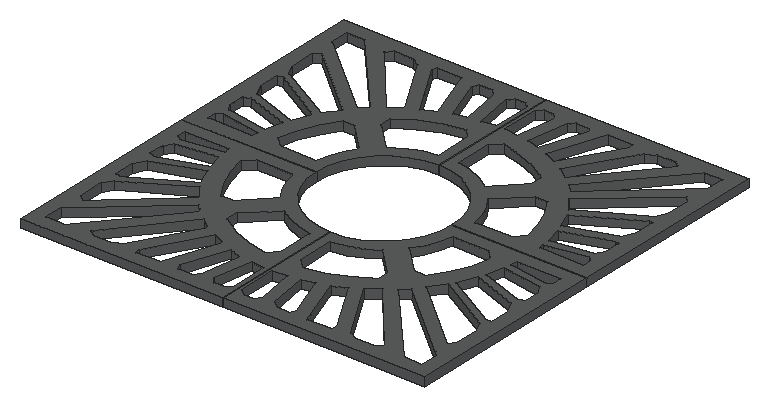
Revit family "Приствольная решётка (квадратная) Р-10", category Антураж, Revit 2017
Family settings
  На основе рабочей плоскости = Нет
  Всегда вертикально = Да
  При загрузке вырезать с полостями = Нет
  Источник визуального образа = Геометрия семейства
  Общий = Нет
  Точка расчета площади = Нет
Parameters (values of type "Приствольная решётка (квадратная) Р-10 1200х1200")
  Стоимость = 18410
  Изготовитель = "ООО \"Хоббика\""
  Высота = 0 mm
  URL = "https://hobbyka.ru/product/pristvolnaya_reshetka_kvadratnaya_r10/?sphrase_id=70589"
  ADSK_Размер_Ширина = 1200 mm
  ADSK_Размер_Длина = 1200 mm
  ADSK_Размер_Высота = 25 mm  # constant formula
  ADSK_Наименование = "Приствольная решётка (квадратная) Р-10"
  ADSK_Материал решетки = Чугун, серый
  ADSK_Код изделия = "10272"
  1200x1200 = yes
  1000x1000 = no
Types (3, lengths in mm): name | ADSK_Размер_Ширина | ADSK_Размер_Длина | 1200x1200 | 1000x1000
  (no name) | 1200 | 1200 | yes | no
  Приствольная решётка (квадратная) Р-10 1000х1000 | 1000 | 1000 | no | yes
  Приствольная решётка (квадратная) Р-10 1200х1200 | 1200 | 1200 | yes | no
Reference planes
  plane 1 "По центру (Вперед/Назад)": y = 0
  plane 2: z = 0
  plane 3 "По центру (Влево/Вправо)": x = 0
Forms (mm)
  Extrusion 1, solid, material "Чугун, серый" <- "ADSK_Материал решетки", visible <- "1000x1000"
    sketch origin (0, 0, 0) x (1, 0, 0) y (0, 1, 0)
      loop
        line (0, 500) -> (-500, 500) -> (-500, 0) -> (-168, 0)
        arc (-168, 0) -> (-118.794, 118.794) -> (0, 168) r 168
        line (0, 168) -> (0, 500)
      loop
        line (-10, 358.683) -> (-10, 452.061) -> (-22.939, 465) -> (-50.403, 465) -> (-60.313, 450.21) -> (-44.073, 354.198) -> (-10, 358.683)
      loop
        line (-90.364, 450.202) -> (-102.521, 465) -> (-137.95, 465) -> (-144.567, 450.893) -> (-105.448, 342.65) -> (-73.816, 350.282) -> (-90.364, 450.202)
      loop
        line (-179.983, 465) -> (-241.691, 465) -> (-245.063, 452.061) -> (-166.142, 317.509) -> (-133.164, 331.169) -> (-179.983, 465)
      loop
        line (-221.238, 280.126) -> (-191.9, 302.638) -> (-279.544, 452.061) -> (-302.314, 465) -> (-348.167, 465) -> (-363.774, 452.061) -> (-221.238, 280.126)
      loop
        line (-419, 465) -> (-465, 465) -> (-465, 419) -> (-264.258, 244.475)
        arc (-264.258, 244.475) -> (-254.558, 254.558) -> (-244.475, 264.258) r 360
        line (-244.475, 264.258) -> (-419, 465)
      loop
        line (-280.126, 221.238) -> (-451.961, 370.631) -> (-465, 358.041) -> (-465, 294.751) -> (-451.961, 270.553) -> (-305.986, 187.537) -> (-280.126, 221.238)
      loop
        line (-314.945, 172.333) -> (-452.01, 251.468) -> (-465, 247.987) -> (-465, 198.557) -> (-450.871, 169.222) -> (-333.274, 128.083) -> (-314.945, 172.333)
      loop
        line (-450.871, 150.129) -> (-465, 143.425) -> (-465, 103.414) -> (-451.961, 85.131) -> (-351.017, 68.233) -> (-340.445, 110.772) -> (-450.871, 150.129)
      loop
        line (-353.48, 49.526) -> (-451.961, 66.118) -> (-465, 56.839) -> (-465, 35) -> (-355.392, 35) -> (-353.48, 49.526)
      loop
        arc (-252.98, 187.686) -> (-288.763, 125.86) -> (-309.696, 57.563) r 315
        line (-309.696, 57.563) -> (-287.133, 35) -> (-196.914, 35)
        arc (-196.914, 35) -> (-182.738, 81.283) -> (-157.858, 122.805) r 200
        line (-157.858, 122.805) -> (-222.739, 187.686) -> (-252.98, 187.686)
      loop
        arc (-46.15, 311.601) -> (-120.536, 291.026) -> (-187.686, 252.98) r 315
        line (-187.686, 252.98) -> (-187.686, 222.739) -> (-122.805, 157.858)
        arc (-122.805, 157.858) -> (-76.537, 184.776) -> (-24.786, 198.458) r 200
        line (-24.786, 198.458) -> (-24.786, 290.237) -> (-46.15, 311.601)
    from 0 to 25
  Extrusion 2, solid, material "Чугун, серый" <- "ADSK_Материал решетки", visible <- "1000x1000"
    sketch origin (0, 0, 0) x (-1, 0, 0) y (0, -1, 0)
      loop
        line (0, -500) -> (0, -168)
        arc (0, -168) -> (-118.794, -118.794) -> (-168, 0) r 168
        line (-168, 0) -> (-500, 0) -> (-500, -500) -> (0, -500)
      loop
        line (-10, -358.683) -> (-44.073, -354.198) -> (-60.313, -450.21) -> (-50.403, -465) -> (-22.939, -465) -> (-10, -452.061) -> (-10, -358.683)
      loop
        line (-90.364, -450.202) -> (-73.816, -350.282) -> (-105.448, -342.65) -> (-144.567, -450.893) -> (-137.95, -465) -> (-102.521, -465) -> (-90.364, -450.202)
      loop
        line (-179.983, -465) -> (-133.164, -331.169) -> (-166.142, -317.509) -> (-245.063, -452.061) -> (-241.691, -465) -> (-179.983, -465)
      loop
        line (-221.238, -280.126) -> (-363.774, -452.061) -> (-348.167, -465) -> (-302.314, -465) -> (-279.544, -452.061) -> (-191.9, -302.638) -> (-221.238, -280.126)
      loop
        line (-419, -465) -> (-244.475, -264.258)
        arc (-244.475, -264.258) -> (-254.558, -254.558) -> (-264.258, -244.475) r 360
        line (-264.258, -244.475) -> (-465, -419) -> (-465, -465) -> (-419, -465)
      loop
        line (-280.126, -221.238) -> (-305.986, -187.537) -> (-451.961, -270.553) -> (-465, -294.751) -> (-465, -358.041) -> (-451.961, -370.631) -> (-280.126, -221.238)
      loop
        line (-314.945, -172.333) -> (-333.274, -128.083) -> (-450.871, -169.222) -> (-465, -198.557) -> (-465, -247.987) -> (-452.01, -251.468) -> (-314.945, -172.333)
      loop
        line (-450.871, -150.129) -> (-340.445, -110.772) -> (-351.017, -68.233) -> (-451.961, -85.131) -> (-465, -103.414) -> (-465, -143.425) -> (-450.871, -150.129)
      loop
        line (-353.48, -49.526) -> (-355.392, -35) -> (-465, -35) -> (-465, -56.839) -> (-451.961, -66.118) -> (-353.48, -49.526)
      loop
        line (-252.98, -187.686) -> (-222.739, -187.686) -> (-157.858, -122.805)
        arc (-157.858, -122.805) -> (-182.738, -81.283) -> (-196.914, -35) r 200
        line (-196.914, -35) -> (-287.133, -35) -> (-309.696, -57.563)
        arc (-309.696, -57.563) -> (-288.763, -125.86) -> (-252.98, -187.686) r 315
      loop
        line (-46.15, -311.601) -> (-24.786, -290.237) -> (-24.786, -198.458)
        arc (-24.786, -198.458) -> (-76.537, -184.776) -> (-122.805, -157.858) r 200
        line (-122.805, -157.858) -> (-187.686, -222.739) -> (-187.686, -252.98)
        arc (-187.686, -252.98) -> (-120.536, -291.026) -> (-46.15, -311.601) r 315
    from 0 to 25
  Extrusion 3, solid, material "Чугун, серый" <- "ADSK_Материал решетки", visible <- "1000x1000"
    sketch origin (0, 0, 0) x (1, 0, 0) y (0, 1, 0)
      loop
        line (0, -500) -> (0, -168)
        arc (0, -168) -> (-118.794, -118.794) -> (-168, 0) r 168
        line (-168, 0) -> (-500, 0) -> (-500, -500) -> (0, -500)
      loop
        line (-10, -358.683) -> (-44.073, -354.198) -> (-60.313, -450.21) -> (-50.403, -465) -> (-22.939, -465) -> (-10, -452.061) -> (-10, -358.683)
      loop
        line (-90.364, -450.202) -> (-73.816, -350.282) -> (-105.448, -342.65) -> (-144.567, -450.893) -> (-137.95, -465) -> (-102.521, -465) -> (-90.364, -450.202)
      loop
        line (-179.983, -465) -> (-133.164, -331.169) -> (-166.142, -317.509) -> (-245.063, -452.061) -> (-241.691, -465) -> (-179.983, -465)
      loop
        line (-221.238, -280.126) -> (-363.774, -452.061) -> (-348.167, -465) -> (-302.314, -465) -> (-279.544, -452.061) -> (-191.9, -302.638) -> (-221.238, -280.126)
      loop
        line (-419, -465) -> (-244.475, -264.258)
        arc (-244.475, -264.258) -> (-254.558, -254.558) -> (-264.258, -244.475) r 360
        line (-264.258, -244.475) -> (-465, -419) -> (-465, -465) -> (-419, -465)
      loop
        line (-280.126, -221.238) -> (-305.986, -187.537) -> (-451.961, -270.553) -> (-465, -294.751) -> (-465, -358.041) -> (-451.961, -370.631) -> (-280.126, -221.238)
      loop
        line (-314.945, -172.333) -> (-333.274, -128.083) -> (-450.871, -169.222) -> (-465, -198.557) -> (-465, -247.987) -> (-452.01, -251.468) -> (-314.945, -172.333)
      loop
        line (-450.871, -150.129) -> (-340.445, -110.772) -> (-351.017, -68.233) -> (-451.961, -85.131) -> (-465, -103.414) -> (-465, -143.425) -> (-450.871, -150.129)
      loop
        line (-353.48, -49.526) -> (-355.392, -35) -> (-465, -35) -> (-465, -56.839) -> (-451.961, -66.118) -> (-353.48, -49.526)
      loop
        line (-252.98, -187.686) -> (-222.739, -187.686) -> (-157.858, -122.805)
        arc (-157.858, -122.805) -> (-182.738, -81.283) -> (-196.914, -35) r 200
        line (-196.914, -35) -> (-287.133, -35) -> (-309.696, -57.563)
        arc (-309.696, -57.563) -> (-288.763, -125.86) -> (-252.98, -187.686) r 315
      loop
        line (-46.15, -311.601) -> (-24.786, -290.237) -> (-24.786, -198.458)
        arc (-24.786, -198.458) -> (-76.537, -184.776) -> (-122.805, -157.858) r 200
        line (-122.805, -157.858) -> (-187.686, -222.739) -> (-187.686, -252.98)
        arc (-187.686, -252.98) -> (-120.536, -291.026) -> (-46.15, -311.601) r 315
    from 0 to 25
  Extrusion 4, solid, material "Чугун, серый" <- "ADSK_Материал решетки", visible <- "1000x1000"
    sketch origin (0, 0, 0) x (-1, 0, 0) y (0, -1, 0)
      loop
        line (0, 500) -> (-500, 500) -> (-500, 0) -> (-168, 0)
        arc (-168, 0) -> (-118.794, 118.794) -> (0, 168) r 168
        line (0, 168) -> (0, 500)
      loop
        line (-10, 358.683) -> (-10, 452.061) -> (-22.939, 465) -> (-50.403, 465) -> (-60.313, 450.21) -> (-44.073, 354.198) -> (-10, 358.683)
      loop
        line (-90.364, 450.202) -> (-102.521, 465) -> (-137.95, 465) -> (-144.567, 450.893) -> (-105.448, 342.65) -> (-73.816, 350.282) -> (-90.364, 450.202)
      loop
        line (-179.983, 465) -> (-241.691, 465) -> (-245.063, 452.061) -> (-166.142, 317.509) -> (-133.164, 331.169) -> (-179.983, 465)
      loop
        line (-221.238, 280.126) -> (-191.9, 302.638) -> (-279.544, 452.061) -> (-302.314, 465) -> (-348.167, 465) -> (-363.774, 452.061) -> (-221.238, 280.126)
      loop
        line (-419, 465) -> (-465, 465) -> (-465, 419) -> (-264.258, 244.475)
        arc (-264.258, 244.475) -> (-254.558, 254.558) -> (-244.475, 264.258) r 360
        line (-244.475, 264.258) -> (-419, 465)
      loop
        line (-280.126, 221.238) -> (-451.961, 370.631) -> (-465, 358.041) -> (-465, 294.751) -> (-451.961, 270.553) -> (-305.986, 187.537) -> (-280.126, 221.238)
      loop
        line (-314.945, 172.333) -> (-452.01, 251.468) -> (-465, 247.987) -> (-465, 198.557) -> (-450.871, 169.222) -> (-333.274, 128.083) -> (-314.945, 172.333)
      loop
        line (-450.871, 150.129) -> (-465, 143.425) -> (-465, 103.414) -> (-451.961, 85.131) -> (-351.017, 68.233) -> (-340.445, 110.772) -> (-450.871, 150.129)
      loop
        line (-353.48, 49.526) -> (-451.961, 66.118) -> (-465, 56.839) -> (-465, 35) -> (-355.392, 35) -> (-353.48, 49.526)
      loop
        arc (-252.98, 187.686) -> (-288.763, 125.86) -> (-309.696, 57.563) r 315
        line (-309.696, 57.563) -> (-287.133, 35) -> (-196.914, 35)
        arc (-196.914, 35) -> (-182.738, 81.283) -> (-157.858, 122.805) r 200
        line (-157.858, 122.805) -> (-222.739, 187.686) -> (-252.98, 187.686)
      loop
        arc (-46.15, 311.601) -> (-120.536, 291.026) -> (-187.686, 252.98) r 315
        line (-187.686, 252.98) -> (-187.686, 222.739) -> (-122.805, 157.858)
        arc (-122.805, 157.858) -> (-76.537, 184.776) -> (-24.786, 198.458) r 200
        line (-24.786, 198.458) -> (-24.786, 290.237) -> (-46.15, 311.601)
    from 0 to 25
  Extrusion 5, solid, material "Чугун, серый" <- "ADSK_Материал решетки", visible <- "1200x1200"
    sketch origin (0, 0, 0) x (1, 0, 0) y (0, 1, 0)
      loop
        line (600, 600) -> (0, 600) -> (0, 201.6)
        arc (0, 201.6) -> (142.553, 142.553) -> (201.6, 0) r 201.6
        line (201.6, 0) -> (600, 0) -> (600, 600)
      loop
        line (344.56, 42) -> (371.635, 69.075)
        arc (371.635, 69.075) -> (346.516, 151.032) -> (303.576, 225.223) r 378
        line (303.576, 225.223) -> (267.286, 225.223) -> (189.429, 147.366)
        arc (189.429, 147.366) -> (219.285, 97.54) -> (236.296, 42) r 240
        line (236.296, 42) -> (344.56, 42)
      loop
        line (426.471, 42) -> (558, 42) -> (558, 68.206) -> (542.353, 79.341) -> (424.176, 59.431) -> (426.471, 42)
      loop
        line (558, 124.097) -> (558, 172.11) -> (541.045, 180.155) -> (408.533, 132.926) -> (421.2, 82.036) -> (542.353, 102.158) -> (558, 124.097)
      loop
        line (541.045, 203.067) -> (558, 238.268) -> (558, 297.585) -> (542.411, 301.761) -> (377.934, 206.8) -> (399.929, 153.699) -> (541.045, 203.067)
      loop
        line (367.183, 225.044) -> (542.353, 324.663) -> (558, 353.702) -> (558, 429.649) -> (542.353, 444.757) -> (336.152, 265.485) -> (367.183, 225.044)
      loop
        line (317.109, 293.369) -> (558, 502.8) -> (558, 558) -> (502.8, 558) -> (293.369, 317.109)
        arc (293.369, 317.109) -> (305.47, 305.47) -> (317.109, 293.369) r 432
      loop
        line (265.485, 336.152) -> (436.529, 542.474) -> (417.8, 558) -> (362.777, 558) -> (335.453, 542.474) -> (230.28, 363.165) -> (265.485, 336.152)
      loop
        line (290.029, 558) -> (215.979, 558) -> (159.797, 397.403) -> (199.37, 381.011) -> (294.076, 542.474) -> (290.029, 558)
      loop
        line (126.537, 411.18) -> (173.48, 541.072) -> (165.54, 558) -> (123.025, 558) -> (108.436, 540.242) -> (88.58, 420.338) -> (126.537, 411.18)
      loop
        line (72.375, 540.252) -> (60.484, 558) -> (27.526, 558) -> (12, 542.474) -> (12, 430.42) -> (52.888, 425.037) -> (72.375, 540.252)
      loop
        line (55.38, 373.921) -> (29.743, 348.284) -> (29.743, 238.15)
        arc (29.743, 238.15) -> (91.844, 221.731) -> (147.366, 189.429) r 240
        line (147.366, 189.429) -> (225.223, 267.286) -> (225.223, 303.576)
        arc (225.223, 303.576) -> (144.643, 349.231) -> (55.38, 373.921) r 378
    from 0 to 25
  Extrusion 6, solid, material "Чугун, серый" <- "ADSK_Материал решетки", visible <- "1200x1200"
    sketch origin (0, 0, 0) x (-1, 0, 0) y (0, -1, 0)
      loop
        line (600, -600) -> (600, 0) -> (201.6, 0)
        arc (201.6, 0) -> (142.553, -142.553) -> (0, -201.6) r 201.6
        line (0, -201.6) -> (0, -600) -> (600, -600)
      loop
        line (344.56, -42) -> (236.296, -42)
        arc (236.296, -42) -> (219.285, -97.54) -> (189.429, -147.366) r 240
        line (189.429, -147.366) -> (267.286, -225.223) -> (303.576, -225.223)
        arc (303.576, -225.223) -> (346.516, -151.032) -> (371.635, -69.075) r 378
        line (371.635, -69.075) -> (344.56, -42)
      loop
        line (426.471, -42) -> (424.176, -59.431) -> (542.353, -79.341) -> (558, -68.206) -> (558, -42) -> (426.471, -42)
      loop
        line (558, -124.097) -> (542.353, -102.158) -> (421.2, -82.036) -> (408.533, -132.926) -> (541.045, -180.155) -> (558, -172.11) -> (558, -124.097)
      loop
        line (541.045, -203.067) -> (399.929, -153.699) -> (377.934, -206.8) -> (542.411, -301.761) -> (558, -297.585) -> (558, -238.268) -> (541.045, -203.067)
      loop
        line (367.183, -225.044) -> (336.152, -265.485) -> (542.353, -444.757) -> (558, -429.649) -> (558, -353.702) -> (542.353, -324.663) -> (367.183, -225.044)
      loop
        arc (317.109, -293.369) -> (305.47, -305.47) -> (293.369, -317.109) r 432
        line (293.369, -317.109) -> (502.8, -558) -> (558, -558) -> (558, -502.8) -> (317.109, -293.369)
      loop
        line (265.485, -336.152) -> (230.28, -363.165) -> (335.453, -542.474) -> (362.777, -558) -> (417.8, -558) -> (436.529, -542.474) -> (265.485, -336.152)
      loop
        line (290.029, -558) -> (294.076, -542.474) -> (199.37, -381.011) -> (159.797, -397.403) -> (215.979, -558) -> (290.029, -558)
      loop
        line (126.537, -411.18) -> (88.58, -420.338) -> (108.436, -540.242) -> (123.025, -558) -> (165.54, -558) -> (173.48, -541.072) -> (126.537, -411.18)
      loop
        line (72.375, -540.252) -> (52.888, -425.037) -> (12, -430.42) -> (12, -542.474) -> (27.526, -558) -> (60.484, -558) -> (72.375, -540.252)
      loop
        arc (55.38, -373.921) -> (144.643, -349.231) -> (225.223, -303.576) r 378
        line (225.223, -303.576) -> (225.223, -267.286) -> (147.366, -189.429)
        arc (147.366, -189.429) -> (91.844, -221.731) -> (29.743, -238.15) r 240
        line (29.743, -238.15) -> (29.743, -348.284) -> (55.38, -373.921)
    from 0 to 25
  Extrusion 7, solid, material "Чугун, серый" <- "ADSK_Материал решетки", visible <- "1200x1200"
    sketch origin (0, 0, 0) x (1, 0, 0) y (0, 1, 0)
      loop
        line (600, -600) -> (600, 0) -> (201.6, 0)
        arc (201.6, 0) -> (142.553, -142.553) -> (0, -201.6) r 201.6
        line (0, -201.6) -> (0, -600) -> (600, -600)
      loop
        line (344.56, -42) -> (236.296, -42)
        arc (236.296, -42) -> (219.285, -97.54) -> (189.429, -147.366) r 240
        line (189.429, -147.366) -> (267.286, -225.223) -> (303.576, -225.223)
        arc (303.576, -225.223) -> (346.516, -151.032) -> (371.635, -69.075) r 378
        line (371.635, -69.075) -> (344.56, -42)
      loop
        line (426.471, -42) -> (424.176, -59.431) -> (542.353, -79.341) -> (558, -68.206) -> (558, -42) -> (426.471, -42)
      loop
        line (558, -124.097) -> (542.353, -102.158) -> (421.2, -82.036) -> (408.533, -132.926) -> (541.045, -180.155) -> (558, -172.11) -> (558, -124.097)
      loop
        line (541.045, -203.067) -> (399.929, -153.699) -> (377.934, -206.8) -> (542.411, -301.761) -> (558, -297.585) -> (558, -238.268) -> (541.045, -203.067)
      loop
        line (367.183, -225.044) -> (336.152, -265.485) -> (542.353, -444.757) -> (558, -429.649) -> (558, -353.702) -> (542.353, -324.663) -> (367.183, -225.044)
      loop
        arc (317.109, -293.369) -> (305.47, -305.47) -> (293.369, -317.109) r 432
        line (293.369, -317.109) -> (502.8, -558) -> (558, -558) -> (558, -502.8) -> (317.109, -293.369)
      loop
        line (265.485, -336.152) -> (230.28, -363.165) -> (335.453, -542.474) -> (362.777, -558) -> (417.8, -558) -> (436.529, -542.474) -> (265.485, -336.152)
      loop
        line (290.029, -558) -> (294.076, -542.474) -> (199.37, -381.011) -> (159.797, -397.403) -> (215.979, -558) -> (290.029, -558)
      loop
        line (126.537, -411.18) -> (88.58, -420.338) -> (108.436, -540.242) -> (123.025, -558) -> (165.54, -558) -> (173.48, -541.072) -> (126.537, -411.18)
      loop
        line (72.375, -540.252) -> (52.888, -425.037) -> (12, -430.42) -> (12, -542.474) -> (27.526, -558) -> (60.484, -558) -> (72.375, -540.252)
      loop
        arc (55.38, -373.921) -> (144.643, -349.231) -> (225.223, -303.576) r 378
        line (225.223, -303.576) -> (225.223, -267.286) -> (147.366, -189.429)
        arc (147.366, -189.429) -> (91.844, -221.731) -> (29.743, -238.15) r 240
        line (29.743, -238.15) -> (29.743, -348.284) -> (55.38, -373.921)
    from 0 to 25
  Extrusion 8, solid, material "Чугун, серый" <- "ADSK_Материал решетки", visible <- "1200x1200"
    sketch origin (0, 0, 0) x (-1, 0, 0) y (0, -1, 0)
      loop
        line (600, 600) -> (0, 600) -> (0, 201.6)
        arc (0, 201.6) -> (142.553, 142.553) -> (201.6, 0) r 201.6
        line (201.6, 0) -> (600, 0) -> (600, 600)
      loop
        line (344.56, 42) -> (371.635, 69.075)
        arc (371.635, 69.075) -> (346.516, 151.032) -> (303.576, 225.223) r 378
        line (303.576, 225.223) -> (267.286, 225.223) -> (189.429, 147.366)
        arc (189.429, 147.366) -> (219.285, 97.54) -> (236.296, 42) r 240
        line (236.296, 42) -> (344.56, 42)
      loop
        line (426.471, 42) -> (558, 42) -> (558, 68.206) -> (542.353, 79.341) -> (424.176, 59.431) -> (426.471, 42)
      loop
        line (558, 124.097) -> (558, 172.11) -> (541.045, 180.155) -> (408.533, 132.926) -> (421.2, 82.036) -> (542.353, 102.158) -> (558, 124.097)
      loop
        line (541.045, 203.067) -> (558, 238.268) -> (558, 297.585) -> (542.411, 301.761) -> (377.934, 206.8) -> (399.929, 153.699) -> (541.045, 203.067)
      loop
        line (367.183, 225.044) -> (542.353, 324.663) -> (558, 353.702) -> (558, 429.649) -> (542.353, 444.757) -> (336.152, 265.485) -> (367.183, 225.044)
      loop
        line (317.109, 293.369) -> (558, 502.8) -> (558, 558) -> (502.8, 558) -> (293.369, 317.109)
        arc (293.369, 317.109) -> (305.47, 305.47) -> (317.109, 293.369) r 432
      loop
        line (265.485, 336.152) -> (436.529, 542.474) -> (417.8, 558) -> (362.777, 558) -> (335.453, 542.474) -> (230.28, 363.165) -> (265.485, 336.152)
      loop
        line (290.029, 558) -> (215.979, 558) -> (159.797, 397.403) -> (199.37, 381.011) -> (294.076, 542.474) -> (290.029, 558)
      loop
        line (126.537, 411.18) -> (173.48, 541.072) -> (165.54, 558) -> (123.025, 558) -> (108.436, 540.242) -> (88.58, 420.338) -> (126.537, 411.18)
      loop
        line (72.375, 540.252) -> (60.484, 558) -> (27.526, 558) -> (12, 542.474) -> (12, 430.42) -> (52.888, 425.037) -> (72.375, 540.252)
      loop
        line (55.38, 373.921) -> (29.743, 348.284) -> (29.743, 238.15)
        arc (29.743, 238.15) -> (91.844, 221.731) -> (147.366, 189.429) r 240
        line (147.366, 189.429) -> (225.223, 267.286) -> (225.223, 303.576)
        arc (225.223, 303.576) -> (144.643, 349.231) -> (55.38, 373.921) r 378
    from 0 to 25
Lines and regions (mm)
  model lines, visible <- "1000x1000"
    curve 1: line (-454.399, 5, 0) -> (-454.399, -5, 0)
  model lines
    curve 2: line (600, 6, 0) -> (600, -6, 0)
Dimensions and locks
  aligned and locked: level to plane 2
